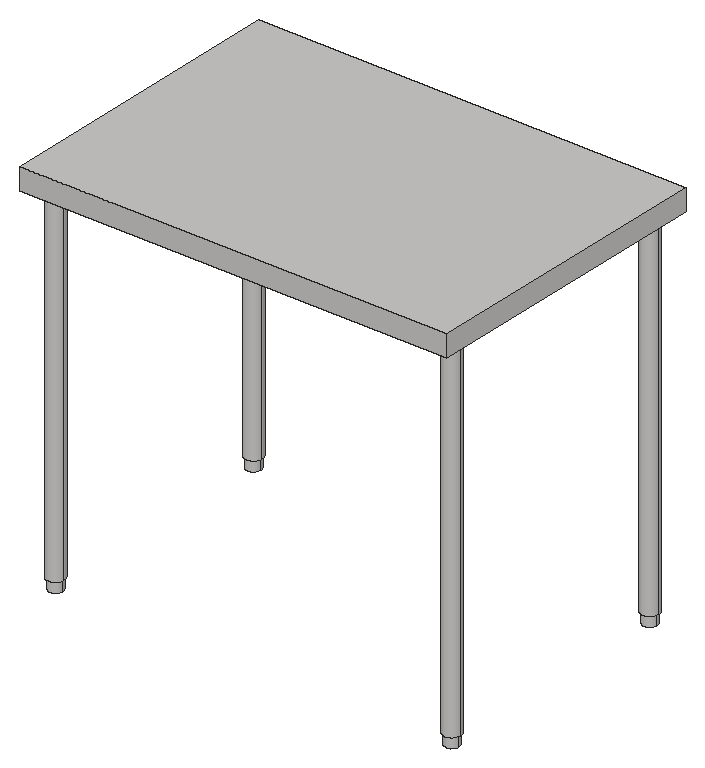
Revit family "QF_ELECTROLUXPROFESSIONAL_133048_TG1000EN", category Attrezzature speciali, Revit 2020
Family settings
  Quota connettore circolare = Usa diametro
  Tipo di parte = Normale
  Basato su piano di lavoro = No
  Sempre verticale = Sì
  Taglio con vuoti quando caricato = No
  Condiviso = No
  Punto di calcolo locali = No
Parameters (values of type "Standard")
  Weight = 35.00 kg
  Watts = 0 W
  Volts = 0 V
  URL Manufacturer = "https://www.electroluxprofessional.com/"
  URL = "https://www.electroluxprofessional.com/"
  Steam Supply Size = 0 mm
  Steam Supply Minimum Pressure = 0.0 Pa
  Steam Supply Maximum Pressure = 0.0 Pa
  Steam Consumption per Hour = 0
  Refrigeration Suction Line Size = 0.0 mm
  Refrigeration Liquid Line Size = 0.0 mm
  Refrigerant Compressor Remote = yes
  Prospetto di default = 0.0 mm
  Produttore = "Electrolux Professional"
  Phase = 0
  Modello = "TG1000EN"
  Length Actual = 1000.0 mm  # constant formula
  Item Number = "133048"
  Hot Water Size = 0 mm
  Height Actual = 900.0 mm  # constant formula
  HP = "0 HP"
  Gas Size = 0 mm
  Gas KW = 0
  Gas Input Pressure = 0 W
  Direct Waste Size = 0 mm
  Descrizione = "WORK TABLE 1000 MM"
  Depth Actual = 700.0 mm  # constant formula
  Cycle = 0 Hz
  Condensate Return Size = 0 mm
  Compressed Air Volume = 0.0 L/s
  Compressed Air Size = 0 mm
  Compressed Air Pressure = 0.0 Pa
  Cold Water Size = 0 mm
  Accessory = yes
Reference planes
  plane 1 "Center (Front/Back)": y = 0
  plane 2: z = 0
  plane 3 "Center (Left/Right)": x = 0
  plane 4 "LEFT": x = -500
  plane 5 "RIGHT": x = 500
  plane 6 "BACK": y = 350
  plane 7 "FRONT": y = -350
  plane 8 "Base": z = 850
  plane 9 "TOP": z = 900
  plane 10: x = -464.5
  plane 11: x = 464.5
  plane 12: y = 290
  plane 13: y = -290
Forms (mm)
  Extrusion 1, solid, material "QF_Finishes_Stainless Steel"
    sketch origin (0, 0, 0) x (0, 1, 0) y (0, 0, 1)
      loop
        line (-350, 850) -> (350, 850) -> (350, 900) -> (-350, 900) -> (-350, 850)
    from 500 to -500
Lines and regions (mm)
  symbolic lines
    curve 1: line (500, 350, 900) -> (-500, 350, 900)
    curve 2: line (-500, 350, 900) -> (-500, -350, 900)
    curve 3: line (-500, -350, 900) -> (500, -350, 900)
    curve 4: line (500, -350, 900) -> (500, 350, 900)
Dimensions and locks
  plane 4 "LEFT" to plane 5 "RIGHT" = 1000.0 mm
  equal spacing: plane 4 "LEFT", plane 3 "Center (Left/Right)", plane 5 "RIGHT"
  locked: plane 8 "Base" to level at 850
  plane 4 "LEFT" to plane 10 = 35.5 mm
  plane 11 to plane 5 "RIGHT" = 35.5 mm
  plane 10 to plane 11 = 929.0 mm
  locked: plane 9 "TOP" to level at 900
  plane 6 "BACK" to plane 12 = 60.0 mm
  plane 13 to plane 7 "FRONT" = 60.0 mm
  plane 6 "BACK" to plane 7 "FRONT" = 700.0 mm
  plane 12 to plane 13 = 580.0 mm
  equal spacing: plane 6 "BACK", plane 1 "Center (Front/Back)", plane 7 "FRONT"
  aligned and locked: level to plane 2
  aligned and locked: plane 10 to nested 1
  aligned and locked: nested 1 to plane 13
  aligned and locked: plane 11 to nested 2
  aligned and locked: nested 2 to plane 13
  aligned and locked: plane 11 to nested 4
  aligned and locked: nested 4 to plane 12
  aligned and locked: plane 10 to nested 3
  aligned and locked: nested 3 to plane 12
  aligned and locked: Extrusion 1 to plane 4 "LEFT"
  aligned and locked: plane 5 "RIGHT" to Extrusion 1
  aligned and locked: curve 2 to plane 4 "LEFT"
Automatic sketch dimensions
  Extrusion 1 sketch curve to plane 7 "FRONT" = 0.0 mm
  Extrusion 1 sketch curve to plane 8 "Base" = 0.0 mm
  curve 3 to plane 7 "FRONT" = 0.0 mm
  curve 4 to plane 6 "BACK" = 0.0 mm
  Extrusion 1 sketch curve to plane 9 "TOP" = 0.0 mm
  Extrusion 1 sketch curve to plane 6 "BACK" = 0.0 mm
  curve 4 to plane 5 "RIGHT" = 0.0 mm
Nested families
  nested 1: "FEET_D40" at (-464.5, -290, 0), type "FEET_D40"
  nested 2: "FEET_D40" at (464.5, -290, 0), type "FEET_D40"
  nested 3: "FEET_D40" at (-464.5, 290, 0), type "FEET_D40"
  nested 4: "FEET_D40" at (464.5, 290, 0), type "FEET_D40"
Definition of nested family "FEET_D40"
  Parameters
    Default Elevation = 0.0 mm
    FEET = 850.0 mm
  Reference planes
    plane 1 "Center (Front/Back)": y = 0
    plane 2: z = 0
    plane 3 "Center (Left/Right)": x = 0
    plane 4: z = 850
  Forms (mm)
    Extrusion 1, solid
      sketch origin (0, 0, 0) x (1, 0, 0) y (0, 1, 0)
        loop
          circle (0, 0.002) r 20
      from 25 to 845
    Extrusion 2, solid
      sketch origin (0, 0, 0) x (1, 0, 0) y (0, 1, 0)
        loop
          circle (0, 0) r 16
      from 0 to 25
    Extrusion 3, solid
      sketch origin (0, 0, 0) x (1, 0, 0) y (0, 1, 0)
        loop
          circle (0, 0.002) r 30
      from 845 to 850
  Lines and regions (mm)
    symbolic lines
      curve 1: line (0, -1.503, 0) -> (0, 1.508, 0)
      curve 2: line (1.561, 0, 0) -> (-1.439, 0, 0)
  Dimensions and locks
    "FEET": plane 4 to plane 2
    aligned and locked: level to plane 2
  Automatic sketch dimensions
    plane 1 "Center (Front/Back)" to Extrusion 2 sketch curve = 0.0 mm
    Extrusion 2 sketch curve to plane 3 "Center (Left/Right)" = 0.0 mm
    plane 1 "Center (Front/Back)" to curve 2 = 0.0 mm
    curve 1 to plane 3 "Center (Left/Right)" = 0.0 mm
    curve 2 to plane 3 "Center (Left/Right)" = 1.439 mm
    plane 3 "Center (Left/Right)" to curve 2 = 1.561 mm
    plane 1 "Center (Front/Back)" to curve 1 = 1.503 mm
    curve 1 to plane 1 "Center (Front/Back)" = 1.508 mm
    Extrusion 1 sketch curve to plane 3 "Center (Left/Right)" = 0.0 mm
    Extrusion 1 sketch curve to plane 1 "Center (Front/Back)" = 0.002 mm
    Extrusion 3 sketch curve to plane 3 "Center (Left/Right)" = 0.0 mm
    Extrusion 3 sketch curve to plane 1 "Center (Front/Back)" = 0.002 mm
    radius of Extrusion 2 sketch curve = 16.0 mm
    radius of Extrusion 1 sketch curve = 20.0 mm
    radius of Extrusion 3 sketch curve = 30.0 mm
